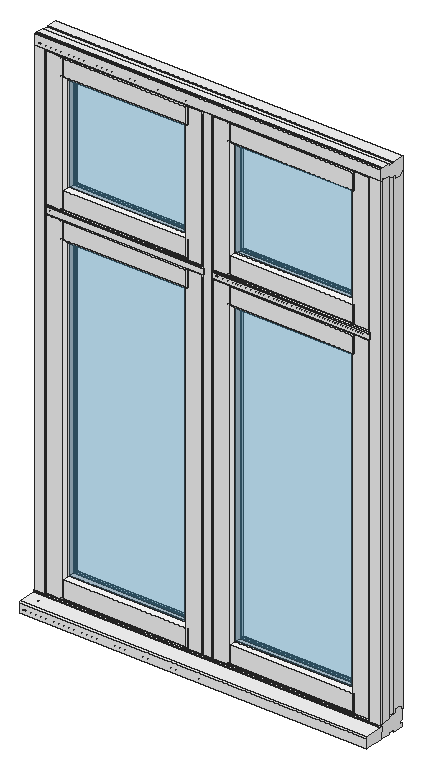
Revit family "C22", category Generic Models, Revit 2012 (continued)
Automatic sketch dimensions
  Sweep 28 sketch curve to Sweep 28 sketch curve = 0.995 mm
  Sweep 28 sketch curve to Sweep 28 sketch curve = 5 mm
  profile plane to Sweep 28 sketch curve = 33 mm
  Sweep 28 sketch curve to Sweep 28 sketch curve = 0.071 mm
  Sweep 28 sketch curve to Sweep 28 sketch curve = 0.17 mm
  Sweep 28 sketch curve to Sweep 28 sketch curve = 0 mm  (x3)
  Sweep 28 sketch curve to Sweep 28 sketch curve = 7 mm
  Sweep 28 sketch curve to Sweep 28 sketch curve = 8 mm
  profile plane to Sweep 28 sketch curve = 2 mm
  Sweep 29 sketch curve to plane 6 = 0 mm
  Sweep 29 sketch curve to plane 8 = 0 mm
  plane 1 "Center (Front/Back)" to Sweep 29 sketch curve = 1.015 mm
  Sweep 29 sketch curve to level = 5 mm
  profile plane to Sweep 29 sketch curve = 132 mm
  Sweep 29 sketch curve to Sweep 29 sketch curve = 2.63 mm
  Sweep 29 sketch curve to Sweep 29 sketch curve = 0.37 mm
  level to Sweep 29 sketch curve = 30.977 mm
  Sweep 29 sketch curve to Sweep 29 sketch curve = 25 mm
  level to Sweep 29 sketch curve = 33.978 mm
  Sweep 29 sketch curve to Sweep 29 sketch curve = 25.006 mm
  Sweep 29 sketch curve to Sweep 29 sketch curve = 32.364 mm
  Sweep 29 sketch curve to Sweep 29 sketch curve = 2 mm  (x2)
  profile plane to Sweep 29 sketch curve = 5 mm
  Sweep 29 sketch curve to profile plane = 18 mm
  Sweep 29 sketch curve to Sweep 29 sketch curve = 0 mm
  Sweep 29 sketch curve to Sweep 29 sketch curve = 6 mm
  Sweep 29 sketch curve to Sweep 29 sketch curve = 10 mm  (x2)
  Sweep 29 sketch curve to Sweep 29 sketch curve = 3 mm  (x4)
  Sweep 29 sketch curve to Sweep 29 sketch curve = 11 mm
  level to Sweep 29 sketch curve = 25 mm
  Sweep 29 sketch curve to Sweep 29 sketch curve = 4.022 mm
  Sweep 29 sketch curve to Sweep 29 sketch curve = 5 mm  (x2)
  Sweep 29 sketch curve to Sweep 29 sketch curve = 1 mm  (x2)
  Extrusion 30 sketch curve to plane 24 = 0 mm
  Extrusion 30 sketch curve to plane 13 = 0 mm  (x2)
  Extrusion 30 sketch curve to plane 24 = 3 mm
  plane 10 to Extrusion 30 sketch curve = 20.5 mm
  Extrusion 30 sketch curve to Extrusion 30 sketch curve = 2 mm  (x2)
  Extrusion 30 sketch curve to Extrusion 30 sketch curve = 3 mm
  Extrusion 30 sketch curve to Extrusion 30 sketch curve = 10 mm  (x2)
  Extrusion 30 sketch curve to plane 13 = 2 mm
  Extrusion 30 sketch curve to Extrusion 30 sketch curve = 11 mm
  plane 1 "Center (Front/Back)" to Extrusion 30 sketch curve = 7.5 mm
  Extrusion 30 sketch curve to plane 13 = 3 mm
  Extrusion 30 sketch curve to plane 23 = 6.485 mm
  Extrusion 30 sketch curve to Extrusion 30 sketch curve = 41 mm
  Extrusion 30 sketch curve to Extrusion 30 sketch curve = 6 mm
  Sweep 31 sketch curve to plane 21 = 44.12 mm
  Sweep 31 sketch curve to plane 17 = 69.88 mm
  Sweep 31 sketch curve to plane 13 = 44.107 mm
  plane 25 to Sweep 31 sketch curve = 52.31 mm
  Sweep 31 sketch curve to profile plane = 0 mm
  profile plane to Sweep 31 sketch curve = 0.107 mm
  Sweep 31 sketch curve to profile plane = 4.893 mm
  Sweep 31 sketch curve to profile plane = 3 mm
  Sweep 31 sketch curve to Sweep 31 sketch curve = 7 mm
  Sweep 31 sketch curve to Sweep 31 sketch curve = 1 mm
  Sweep 31 sketch curve to profile plane = 4 mm
  Sweep 31 sketch curve to Sweep 31 sketch curve = 4 mm
  Sweep 31 sketch curve to profile plane = 8 mm
  Sweep 31 sketch curve to Sweep 31 sketch curve = 3 mm
  plane 1 "Center (Front/Back)" to Extrusion 32 sketch curve = 8.984 mm
  Extrusion 32 sketch curve to plane 21 = 48.013 mm
  Extrusion 32 sketch curve to Extrusion 32 sketch curve = 0 mm  (x2)
  plane 1 "Center (Front/Back)" to Extrusion 32 sketch curve = 28.984 mm
  Extrusion 32 sketch curve to plane 3 "Center (Left/Right)" = 68.227 mm
  Extrusion 32 sketch curve to Extrusion 32 sketch curve = 4 mm  (x2)
  Sweep 33 sketch curve to plane 21 = 48.013 mm
  Sweep 33 sketch curve to plane 17 = 73.773 mm
  Sweep 33 sketch curve to plane 13 = 48 mm
  plane 25 to Sweep 33 sketch curve = 56.203 mm
  Sweep 33 sketch curve to profile plane = 0 mm
  Sweep 33 sketch curve to profile plane = 10 mm
  Sweep 33 sketch curve to profile plane = 8 mm
  profile plane to Sweep 33 sketch curve = 8 mm
  plane 21 to Extrusion 34 sketch curve = 4.987 mm
  plane 10 to Extrusion 34 sketch curve = 20.384 mm
  Extrusion 34 sketch curve to plane 20 = 4.013 mm
  Extrusion 34 sketch curve to Extrusion 34 sketch curve = 2 mm  (x4)
  Extrusion 34 sketch curve to Extrusion 34 sketch curve = 3 mm
  Extrusion 34 sketch curve to Extrusion 34 sketch curve = 10 mm  (x2)
  Extrusion 34 sketch curve to plane 21 = 2.013 mm
  Extrusion 34 sketch curve to Extrusion 34 sketch curve = 11 mm
  plane 1 "Center (Front/Back)" to Extrusion 34 sketch curve = 7.616 mm
  Extrusion 34 sketch curve to plane 21 = 3.013 mm
  Extrusion 34 sketch curve to plane 23 = 6.601 mm
  Extrusion 34 sketch curve to Extrusion 34 sketch curve = 41 mm
  Extrusion 34 sketch curve to Extrusion 34 sketch curve = 6 mm
  plane 10 to Extrusion 35 sketch curve = 20.384 mm
  Extrusion 35 sketch curve to Extrusion 35 sketch curve = 3 mm  (x3)
  Extrusion 35 sketch curve to Extrusion 35 sketch curve = 2 mm  (x4)
  Extrusion 35 sketch curve to Extrusion 35 sketch curve = 10 mm  (x2)
  Extrusion 35 sketch curve to Extrusion 35 sketch curve = 11 mm
  plane 1 "Center (Front/Back)" to Extrusion 35 sketch curve = 7.616 mm
  Extrusion 35 sketch curve to plane 23 = 6.601 mm
  Extrusion 35 sketch curve to plane 3 "Center (Left/Right)" = 64.227 mm
  Extrusion 35 sketch curve to Extrusion 35 sketch curve = 16 mm
  Extrusion 35 sketch curve to plane 17 = 28.773 mm
  Extrusion 35 sketch curve to Extrusion 35 sketch curve = 5 mm
  Extrusion 36 sketch curve to plane 25 = 0 mm
  plane 25 to Extrusion 36 sketch curve = 3 mm
  plane 10 to Extrusion 36 sketch curve = 20.5 mm
  Extrusion 36 sketch curve to Extrusion 36 sketch curve = 2 mm  (x4)
  Extrusion 36 sketch curve to Extrusion 36 sketch curve = 3 mm  (x2)
  Extrusion 36 sketch curve to Extrusion 36 sketch curve = 10 mm  (x2)
  Extrusion 36 sketch curve to Extrusion 36 sketch curve = 11 mm
  plane 1 "Center (Front/Back)" to Extrusion 36 sketch curve = 7.5 mm
  Extrusion 36 sketch curve to plane 23 = 6.485 mm
  plane 25 to Extrusion 36 sketch curve = 11.993 mm
  Extrusion 36 sketch curve to Extrusion 36 sketch curve = 42 mm
  Extrusion 36 sketch curve to Extrusion 36 sketch curve = 6 mm
  Extrusion 37 sketch curve to plane 22 = 0 mm  (x2)
  plane 10 to Extrusion 37 sketch curve = 20.5 mm
  Extrusion 37 sketch curve to Extrusion 37 sketch curve = 3 mm  (x2)
  Extrusion 37 sketch curve to Extrusion 37 sketch curve = 2 mm  (x2)
  plane 16 to Extrusion 37 sketch curve = 3 mm
  Extrusion 37 sketch curve to Extrusion 37 sketch curve = 10 mm
  plane 22 to Extrusion 37 sketch curve = 2 mm
  Extrusion 37 sketch curve to Extrusion 37 sketch curve = 11 mm
  plane 1 "Center (Front/Back)" to Extrusion 37 sketch curve = 7.5 mm
  plane 22 to Extrusion 37 sketch curve = 3 mm
  Extrusion 37 sketch curve to plane 23 = 6.485 mm
  Extrusion 37 sketch curve to plane 16 = 7 mm
  Extrusion 37 sketch curve to plane 16 = 13 mm
  Extrusion 37 sketch curve to plane 22 = 9 mm
  plane 10 to Extrusion 38 sketch curve = 19.384 mm
  Extrusion 38 sketch curve to Extrusion 38 sketch curve = 2 mm  (x3)
  Extrusion 38 sketch curve to Extrusion 38 sketch curve = 4 mm
  Extrusion 38 sketch curve to Extrusion 38 sketch curve = 7 mm  (x2)
  plane 1 "Center (Front/Back)" to Extrusion 38 sketch curve = 7.616 mm
  Extrusion 38 sketch curve to plane 25 = 0.007 mm
  plane 1 "Center (Front/Back)" to Extrusion 38 sketch curve = 5.616 mm
  Extrusion 38 sketch curve to plane 1 "Center (Front/Back)" = 0.384 mm
  Extrusion 38 sketch curve to Extrusion 38 sketch curve = 3 mm  (x3)
  Extrusion 38 sketch curve to plane 23 = 3.601 mm
  plane 23 to Extrusion 38 sketch curve = 0.399 mm  (x3)
  Extrusion 38 sketch curve to Extrusion 38 sketch curve = 6 mm  (x2)
  Extrusion 38 sketch curve to Extrusion 38 sketch curve = 10 mm  (x3)
  Extrusion 38 sketch curve to Extrusion 38 sketch curve = 16 mm
  Extrusion 38 sketch curve to plane 25 = 5.224 mm
  Extrusion 38 sketch curve to Extrusion 38 sketch curve = 1 mm  (x4)
  Extrusion 38 sketch curve to Extrusion 38 sketch curve = 17 mm
  Extrusion 38 sketch curve to Extrusion 38 sketch curve = 0.217 mm  (x2)
  Extrusion 38 sketch curve to Extrusion 38 sketch curve = 8.217 mm
  Extrusion 38 sketch curve to Extrusion 38 sketch curve = 11.783 mm
  plane 25 to Extrusion 38 sketch curve = 4.993 mm
  plane 25 to Extrusion 38 sketch curve = 6.993 mm
  plane 25 to Extrusion 38 sketch curve = 7.993 mm
  Extrusion 38 sketch curve to Extrusion 38 sketch curve = 8 mm
  plane 10 to Extrusion 39 sketch curve = 20.5 mm
  Extrusion 39 sketch curve to Extrusion 39 sketch curve = 3 mm  (x3)
  Extrusion 39 sketch curve to Extrusion 39 sketch curve = 2 mm  (x4)
  Extrusion 39 sketch curve to Extrusion 39 sketch curve = 10 mm  (x2)
  Extrusion 39 sketch curve to Extrusion 39 sketch curve = 11 mm
  plane 1 "Center (Front/Back)" to Extrusion 39 sketch curve = 7.5 mm
  Extrusion 39 sketch curve to plane 23 = 6.485 mm
  Extrusion 39 sketch curve to plane 25 = 32.007 mm
  Extrusion 39 sketch curve to Extrusion 39 sketch curve = 5 mm
  Extrusion 39 sketch curve to Extrusion 39 sketch curve = 41 mm
  Extrusion 39 sketch curve to Extrusion 39 sketch curve = 6 mm
  Sweep 40 sketch curve to plane 16 = 12.9 mm
  Sweep 40 sketch curve to plane 21 = 44.12 mm
  Sweep 40 sketch curve to plane 17 = 69.88 mm
  Sweep 40 sketch curve to plane 25 = 84.095 mm
  Sweep 40 sketch curve to profile plane = 0 mm
  profile plane to Sweep 40 sketch curve = 0.107 mm
  Sweep 40 sketch curve to profile plane = 4.893 mm
  Sweep 40 sketch curve to profile plane = 3 mm
  Sweep 40 sketch curve to Sweep 40 sketch curve = 7 mm
  Sweep 40 sketch curve to Sweep 40 sketch curve = 1 mm
  Sweep 40 sketch curve to profile plane = 4 mm
  Sweep 40 sketch curve to Sweep 40 sketch curve = 4 mm
  Sweep 40 sketch curve to profile plane = 8 mm
  Sweep 40 sketch curve to Sweep 40 sketch curve = 3 mm
  plane 21 to Extrusion 41 sketch curve = 4.987 mm
  plane 10 to Extrusion 41 sketch curve = 20.384 mm
  Extrusion 41 sketch curve to plane 20 = 4.013 mm
  Extrusion 41 sketch curve to Extrusion 41 sketch curve = 2 mm  (x4)
  Extrusion 41 sketch curve to Extrusion 41 sketch curve = 3 mm
  Extrusion 41 sketch curve to Extrusion 41 sketch curve = 10 mm  (x2)
  Extrusion 41 sketch curve to plane 21 = 2.013 mm
  Extrusion 41 sketch curve to Extrusion 41 sketch curve = 11 mm
  plane 1 "Center (Front/Back)" to Extrusion 41 sketch curve = 7.616 mm
  Extrusion 41 sketch curve to plane 21 = 3.013 mm
  Extrusion 41 sketch curve to plane 23 = 6.601 mm
  Extrusion 41 sketch curve to Extrusion 41 sketch curve = 41 mm
  Extrusion 41 sketch curve to Extrusion 41 sketch curve = 6 mm
  plane 10 to Extrusion 42 sketch curve = 20.384 mm
  Extrusion 42 sketch curve to Extrusion 42 sketch curve = 3 mm  (x3)
  Extrusion 42 sketch curve to Extrusion 42 sketch curve = 2 mm  (x4)
  Extrusion 42 sketch curve to Extrusion 42 sketch curve = 10 mm  (x2)
  Extrusion 42 sketch curve to Extrusion 42 sketch curve = 11 mm
  plane 1 "Center (Front/Back)" to Extrusion 42 sketch curve = 7.616 mm
  Extrusion 42 sketch curve to plane 23 = 6.601 mm
  Extrusion 42 sketch curve to plane 3 "Center (Left/Right)" = 64.227 mm
  Extrusion 42 sketch curve to Extrusion 42 sketch curve = 16 mm
  Extrusion 42 sketch curve to plane 17 = 28.773 mm
  Extrusion 42 sketch curve to Extrusion 42 sketch curve = 5 mm
  plane 1 "Center (Front/Back)" to Extrusion 43 sketch curve = 8.984 mm
  Extrusion 43 sketch curve to plane 21 = 48.013 mm
  Extrusion 43 sketch curve to Extrusion 43 sketch curve = 0 mm  (x2)
  plane 1 "Center (Front/Back)" to Extrusion 43 sketch curve = 28.984 mm
  Extrusion 43 sketch curve to plane 3 "Center (Left/Right)" = 68.227 mm
  Extrusion 43 sketch curve to Extrusion 43 sketch curve = 4 mm  (x2)
  Sweep 44 sketch curve to plane 16 = 9 mm
  Sweep 44 sketch curve to plane 21 = 48.013 mm
  Sweep 44 sketch curve to plane 17 = 73.773 mm
  Sweep 44 sketch curve to plane 25 = 88.139 mm
  Sweep 44 sketch curve to profile plane = 0 mm
  Sweep 44 sketch curve to Sweep 44 sketch curve = 10 mm
  Sweep 44 sketch curve to profile plane = 8 mm
  profile plane to Sweep 44 sketch curve = 8 mm
Types (3, lengths in mm): name | Width | Height | GlazingPanelMaterial | Floor Material
  Window Sill drawing | 1200 | 1770 | Glass | White
  Access Manager | 1250 | 1250 | none | none
  window family | 1200 | 1770 | Glass | 1.12A ANCHOR FIXING
